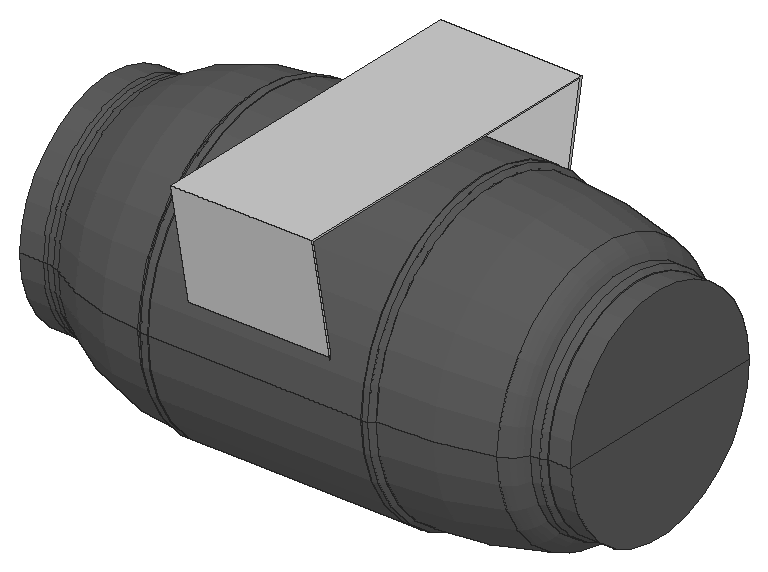
Revit family "AVS 315", category Mechanical Equipment, Revit 2023
Family settings
  Round Connector Dimension = Use Diameter
  Classification = None
  Part Type = Breaks Into
  OmniClass Number = 23.75.35.17.11
  OmniClass Title = Fans for Air Ductwork
  Work Plane-Based = No
  Always vertical = No
  Cut with Voids When Loaded = No
  Maintain Annotation Orientation = No
  Shared = No
  Room Calculation Point = No
Parameters (values of type "Aventa Silent AVS315")
  Weight = 25.00 kg
  Voltage = 230 V
  URL = "https://www.airflow.com/"
  Type Comments = "Inline fan single speed up to 2050m3/h"
  Transported Air Temperature (°C) = "-25...+60"
  RPM (min-1) = 2430
  R1 = D1 / 2  # 216 mm
  Protection rating = "IPX4"
  Power Factor = 1
  Number of Poles = 1
  Noise Level at 3 m (dBa) = 40
  Mounting Hanger [instance] = yes
  Maintenance Zone Length Calc = if(Maintenance Zone Length < L, L, Maintenance Zone Length)  # 780 mm
  L27 = 10 mm
  L26 = 6 mm
  L25 = L21 - L22 - L23 - L24 - L26 - L27  # 154 mm
  L24 = 27 mm
  L21 = 218 mm
  L17 = 10 mm
  L16 = 6 mm
  L15 = L11 - L12 - L13 - L14 - L16 - L17  # 153 mm
  L14 = 10 mm
  L11 = 195 mm
  HangerW = 200 mm
  HangerL1 = 396 mm
  HangerL = 478 mm
  HangerH = HangerBaseH  # 219 mm
  HangerExtraL = no
  HangerBaseH = 219 mm
  Model = "Aventa Silent AVS315"
  Manufacturer = "Airflow"
  Maintenance Zone Width = 600 mm
  Maintenance Zone Material = Maintenance Zone
  Maintenance Zone Length = 600 mm
  Maintenance Zone Height = 600 mm
  Maintenance Zone [instance] = no
  Load Classification = HVAC
  L23 = 13 mm
  L22 = 8 mm
  L2 = 32 mm
  L13 = 8 mm
  L12 = 8 mm
  L1 = 32 mm
  L = 780 mm
  Hanger Material = Metal Zinc
  Flow direction symbol [instance] = yes
  Flow Factor [instance] = 1  # constant formula
  Family Version = "1.0"  # constant formula
  ElBoxW = 104 mm
  ElBoxR = 15 mm  # constant formula
  ElBoxL = 104 mm
  ElBoxH = 53 mm
  Distribution Box Material = Distribution Box Dark Grey
  Description = "Inline mixed-flow fan suitable for domestic and light commercial facilities"
  Default Elevation = 0 mm
  Dd26 = 52 mm
  Dd24 = 30 mm
  Dd22 = 5 mm
  Dd23 = 6 mm
  Dd16 = 55 mm
  Dd14 = 6 mm
  Dd13 = 2 mm
  Dd12 = 1 mm
  D1 = 432 mm
  D = 315 mm
  Copyright = "©Airflow"
  Duct Connection Size = 315 mm
  Fan Material = Metal Black
  Maximum Air Flow = 2050 m³/h
  Air Flow [instance] = 0 m³/h
  Power = 320 W
  Current = 1.42 A
  Apparent Power = Power / Power Factor  # 320 VA
Reference planes
  plane 1 "Center (Front/Back)": y = 0
  plane 2: z = 0
  plane 3 "Center (Left/Right)": x = 0
  plane 4: y = 157.5
  plane 5: y = -157.5
  plane 6: y = 216
  plane 7: y = -216
  plane 8: x = 780
  plane 9 "C": x = 530
  plane 10: x = 227
  plane 11 "CenterL": x = 390
  plane 12: x = 32
  plane 13: x = 217
  plane 14: y = 158.5
  plane 15 "CenterOfCentralPart": x = 378.5
  plane 16 "ElBoxHeight": z = -53
  plane 17 "HangerHeight": z = 219
  plane 18: y = 159.5
  plane 19: y = 163.5
  plane 20: x = 58
  plane 21: x = 48
  plane 22: x = 40
  plane 23: x = 211
  plane 24: y = 212.5
  plane 25: x = 212
  plane 26: x = 540
  plane 27: y = 162.5
  plane 28: y = 163.5
  plane 29: y = 187.5
  plane 30: x = 700
  plane 31: x = 727
  plane 32: x = 740
  plane 33: x = 546
  plane 34: y = 209.5
  plane 35: x = 545
  plane 36: x = 748
Forms (mm)
  Revolve 1, solid, material "Metal Black" <- "Fan Material", detail levels medium+fine
    sketch origin (368, 0, 0) x (1, 0, 0) y (0, 1, 0)
      loop
        line (-336, 0) -> (-141, 0) -> (-141, 216) -> (-151, 216) -> (-156, 212.5) -> (-157, 212.5)
        arc (-157, 212.5) -> (-237.327, 199.951) -> (-310, 163.5) r 263.367
        arc (-310, 163.5) -> (-315.006, 161.515) -> (-320, 159.5) r 901.889
        line (-320, 159.5) -> (-328, 158.5) -> (-336, 157.5) -> (-336, 0)
      axis (-141, 0) -> (-336, 0)
    angle from 0 to 360
  Revolve 2, solid, material "Metal Black" <- "Fan Material", detail levels medium+fine
    sketch origin (368, 0, 0) x (1, 0, 0) y (0, 1, 0)
      loop
        line (380, 157.5) -> (380, 0) -> (412, 0) -> (412, 157.5) -> (380, 157.5)
      axis (412, 0) -> (380, 0)
    angle from 0 to 360
  Revolve 3, solid, material "Metal Black" <- "Fan Material", detail levels medium+fine
    sketch origin (368, 0, 0) x (1, 0, 0) y (0, 1, 0)
      loop
        line (-368, 157.5) -> (-368, 0) -> (-336, 0) -> (-336, 157.5) -> (-368, 157.5)
      axis (-336, 0) -> (-368, 0)
    angle from 0 to 360
  Revolve 4, solid, material "Metal Black" <- "Fan Material", detail levels medium+fine
    sketch origin (0, 0, 0) x (1, 0, 0) y (0, 1, 0)
      loop
        line (227, 216) -> (227, 0) -> (530, 0) -> (530, 216) -> (227, 216)
      axis (227, 0) -> (530, 0)
    angle from 0 to 360
  Revolve 5, solid, material "Metal Black" <- "Fan Material", detail levels medium+fine
    sketch origin (117, 0, 0) x (-1, 0, 0) y (0, 1, 0)
      loop
        line (-631, 0) -> (-413, 0) -> (-413, 216) -> (-423, 216) -> (-428, 209.5) -> (-429, 209.5)
        arc (-429, 209.5) -> (-506.782, 203.972) -> (-583, 187.5) r 550
        arc (-583, 187.5) -> (-599.201, 178.539) -> (-610, 163.5) r 42.151
        line (-610, 163.5) -> (-623, 162.5) -> (-631, 157.5) -> (-631, 0)
      axis (-413, 0) -> (-631, 0)
    angle from 0 to 360
Cuts and joins
  joined: Revolve 1, Revolve 3
Dimensions and locks
  equal spacing: plane 4, plane 1 "Center (Front/Back)", plane 5
  "D": plane 4 to plane 5
  equal spacing: plane 7, plane 1 "Center (Front/Back)", plane 6
  "D1": plane 6 to plane 7
  "L": plane 3 "Center (Left/Right)" to plane 8
  equal spacing: plane 3 "Center (Left/Right)", plane 11 "CenterL", plane 8
  "L1": plane 3 "Center (Left/Right)" to plane 12
  "Dd12": plane 14 to plane 4
  equal spacing: plane 10, plane 15 "CenterOfCentralPart", plane 9 "C"
  "ElBoxH": level to plane 16 "ElBoxHeight"
  "HangerBaseH": plane 17 "HangerHeight" to level
  "Dd13": plane 18 to plane 4
  "Dd14": plane 19 to plane 4
  "L11": plane 12 to plane 10
  "L12": plane 12 to plane 22
  "L13": plane 22 to plane 21
  "L14": plane 21 to plane 20
  "L17": plane 13 to plane 10
  "L16": plane 23 to plane 13
  "Dd16": plane 24 to plane 4
  locked: plane 23 to plane 25 at 1
  "L23": plane 32 to plane 31
  "L24": plane 31 to plane 30
  "L26": plane 33 to plane 26
  locked: plane 33 to plane 35 at 1
  "L2": plane 36 to plane 8
  "L21": plane 9 "C" to plane 36
  "L22": plane 32 to plane 36
  "L27": plane 9 "C" to plane 26
  "Dd22": plane 27 to plane 4
  "Dd23": plane 28 to plane 4
  "Dd24": plane 29 to plane 4
  "Dd26": plane 34 to plane 4
  locked: plane 15 "CenterOfCentralPart" to nested 6
  aligned and locked: level to plane 2
  aligned and locked: plane 4 to Revolve 2 sketch curve
  aligned and locked: Revolve 2 sketch curve to plane 8
  aligned and locked: Revolve 2 sketch curve to plane 1 "Center (Front/Back)"
  aligned and locked: Revolve 3 sketch curve to plane 4
  aligned and locked: Revolve 3 sketch curve to plane 1 "Center (Front/Back)"
  aligned and locked: plane 3 "Center (Left/Right)" to Revolve 3 sketch curve
  aligned and locked: plane 1 "Center (Front/Back)" to nested 1
  aligned and locked: nested 2 to level
  aligned and locked: plane 1 "Center (Front/Back)" to nested 3
  aligned and locked: nested 3 to plane 3 "Center (Left/Right)"
  aligned and locked: plane 1 "Center (Front/Back)" to nested 4
  aligned and locked: Revolve 4 sketch curve to plane 6
  aligned and locked: Revolve 4 sketch curve to nested 4
  aligned and locked: Revolve 4 sketch curve to Revolve 4 sketch curve  (x2)
  aligned and locked: plane 11 "CenterL" to nested 4
  aligned and locked: Revolve 4 sketch curve to plane 9 "C"
  aligned and locked: plane 15 "CenterOfCentralPart" to nested 1
  aligned and locked: plane 15 "CenterOfCentralPart" to nested 2
  aligned and locked: nested 5 to plane 1 "Center (Front/Back)"
  aligned and locked: plane 15 "CenterOfCentralPart" to nested 5
  aligned and locked: Revolve 1 sketch curve to plane 1 "Center (Front/Back)"
  aligned and locked: plane 4 to Revolve 1 sketch curve
  aligned and locked: plane 1 "Center (Front/Back)" to Revolve 1 sketch curve
  aligned and locked: Revolve 1 sketch curve to plane 6
  aligned and locked: plane 25 to Revolve 1 sketch curve
  aligned and locked: plane 24 to Revolve 1 sketch curve
  aligned and locked: Revolve 5 sketch curve to plane 35
  aligned and locked: Revolve 5 sketch curve to plane 34
  aligned and locked: Revolve 2 to plane 36
Automatic sketch dimensions
  plane 1 "Center (Front/Back)" to Revolve 2 sketch curve = 0 mm
  Revolve 2 sketch curve to plane 8 = 32 mm
  Revolve 2 sketch curve to plane 3 "Center (Left/Right)" = 1632 mm
  Revolve 2 sketch curve to Revolve 2 sketch curve = 2138 mm
  plane 1 "Center (Front/Back)" to Revolve 3 sketch curve = 0 mm
  Revolve 3 sketch curve to plane 12 = 0 mm
  Revolve 3 sketch curve to plane 3 "Center (Left/Right)" = 1646 mm
  plane 8 to Revolve 3 sketch curve = 2149 mm
  Revolve 4 sketch curve to plane 10 = 0 mm
  Revolve 4 sketch curve to plane 11 "CenterL" = 0 mm
  Revolve 1 sketch curve to plane 12 = 0 mm
  Revolve 1 sketch curve to plane 14 = 0 mm
  Revolve 1 sketch curve to plane 22 = 0 mm
  Revolve 1 sketch curve to plane 18 = 0 mm
  Revolve 1 sketch curve to plane 21 = 0 mm
  Revolve 1 sketch curve to plane 19 = 0 mm
  Revolve 1 sketch curve to plane 20 = 0 mm
  Revolve 1 sketch curve to plane 23 = 0 mm
  Revolve 1 sketch curve to plane 13 = 0 mm
  Revolve 1 sketch curve to plane 10 = 0 mm
  Revolve 1 sketch curve to plane 11 "CenterL" = 2.053 mm
  Revolve 1 sketch curve to plane 3 "Center (Left/Right)" = 2000 mm
  plane 8 to Revolve 1 sketch curve = 1495 mm
  plane 1 "Center (Front/Back)" to Revolve 5 sketch curve = 0 mm  (x2)
  Revolve 5 sketch curve to plane 36 = 0 mm
  plane 27 to Revolve 5 sketch curve = 0 mm
  Revolve 5 sketch curve to plane 32 = 0 mm
  plane 28 to Revolve 5 sketch curve = 0 mm
  Revolve 5 sketch curve to plane 31 = 0 mm
  Revolve 5 sketch curve to plane 29 = 0 mm  (x2)
  Revolve 5 sketch curve to plane 30 = 0 mm
  Revolve 5 sketch curve to plane 33 = 0 mm
  Revolve 5 sketch curve to plane 6 = 0 mm
  Revolve 5 sketch curve to plane 26 = 0 mm
  Revolve 5 sketch curve to plane 9 "C" = 0 mm
  plane 4 to Revolve 5 sketch curve = 0 mm
  Revolve 5 sketch curve to plane 8 = 1980 mm
  plane 3 "Center (Left/Right)" to Revolve 5 sketch curve = 1515 mm
Nested families
  nested 1: "GraphicalSymbol_Fun_FlowDirection" at (378.5, 0, 0), visible <- "Flow direction symbol", type "GraphicalSymbol_Fun_FlowDirection", detail levels medium+fine
    with Length 50 mm, Height 50 mm, B 25 mm, A 16.667 mm
  nested 2: "GraphicalSymbol_Fun_FlowDirection" at (378.5, 0, 0) x (1, 0, 0) z (0, -1, 0), type "GraphicalSymbol_Fun_FlowDirection"
    with Length 50 mm, Height 50 mm, B 25 mm, A 16.667 mm
  nested 3: "GraphicalSymbol_Fan_1" at (390, 0, 0), type "GraphicalSymbol_Fan_1", detail levels coarse
    with Diameter 780 mm, A 195 mm
  nested 4: "MaintenanceZone_Rect" at (390, 0, 0), visible <- "Maintenance Zone", type "MaintenanceZone_Rect", detail levels medium+fine
    with Maintenance Zone Width 600 mm, Maintenance Zone Length 780 mm, Maintenance Zone Height 600 mm
  nested 5: "MountingHanger" at (378.5, 0, 219) x (0, 1, 0) z (0, 0, -1), visible <- "Mounting Hanger", type "MountingHanger", detail levels medium+fine
  nested 6: "DistributionBox" at (378.5, -228.605, 166.01) x (1, 0, 0) z (0, -0.9813, -0.1925), type "DistributionBox", not visible, detail levels medium+fine
    with Hcon 26.5 mm, H1 53 mm, ConD 20 mm, ConB 26 mm, ConA 26 mm, B 104 mm, A 104 mm
Connectors
  hvac at (0, 0, 0), driven by "Duct Connection Size", driven by "Air Flow"
    settings: on cut or joined group of Revolve 1, Revolve 3, index 4, duct flow 0 m³/h, flow factor 0, pres drop 0.0 Pa, loss coef 0, conn angle 0.00°, conn width 304.8 mm, conn height 304.8 mm, conn diameter 315 mm, duct sys type 29, conn prof type 0, flow config 0, flow direction 0, loss method 0, conn ref index 5, conn util no, is conn primary yes, conn desc ""
  hvac at (780, 0, 0), driven by "Duct Connection Size"
    settings: on Revolve 2, index 5, duct flow 0 m³/h, flow factor 0, pres drop 0.0 Pa, loss coef 0, conn angle 0.00°, conn width 304.8 mm, conn height 304.8 mm, conn diameter 315 mm, duct sys type 28, conn prof type 0, flow config 0, flow direction 0, loss method 0, conn ref index 4, conn util no, is conn primary no, conn desc ""
  electrical at (378.5, -264.619, 211.936), driven by "Number of Poles", driven by "Load Classification", driven by "Voltage", driven by "Apparent Power", driven by "Power Factor"
    settings: on nested 6, index 7, voltage 230 V, apparent load 320 VA, apparent load phase1 0 VA, apparent load phase2 0 VA, apparent load phase3 0 VA, power factor 1, load classification "HVAC", number of poles 1, system type 30, power factor state 1, is connector primary yes, connector utility no, sub classification motor no, connector description ""
Definition of nested family "MaintenanceZone_Rect"
  Parameters (values of type "MaintenanceZone_Rect")
    Maintenance Zone Width = 500 mm
    Material = none
    Maintenance Zone Length = 1000 mm
    Maintenance Zone Height = 300 mm
    Family Version = ""
    Default Elevation = 1219.2 mm
    Copyright = ""
  Reference planes
    plane 1 "Center (Front/Back)": y = 0
    plane 2: z = 0
    plane 3 "Center (Left/Right)": x = 0
    plane 4: x = -500
    plane 5: x = 500
    plane 6: y = 250
    plane 7: y = -250
    plane 8: z = -300
  Forms (mm)
    Extrusion 1, solid, material <- "Material", detail levels medium+fine
      sketch origin (0, 0, 0) x (1, 0, 0) y (0, 1, 0)
        loop
          line (-500, 250) -> (-500, -250) -> (500, -250) -> (500, 250) -> (-500, 250)
      from 0 to -300
  Lines and regions (mm)
    symbolic lines, detail levels medium+fine
      curve 1: line (-500, 0, 0) -> (500, 0, 0)
      curve 2: line (-500, 0, -300) -> (-500, 0, 0)
      curve 3: line (500, 0, -300) -> (-500, 0, -300)
      curve 4: line (500, 0, 0) -> (500, 0, -300)
      curve 5: line (0, 250, 0) -> (0, -250, 0)
      curve 6: line (0, 250, -300) -> (0, 250, 0)
      curve 7: line (0, -250, -300) -> (0, 250, -300)
      curve 8: line (0, -250, 0) -> (0, -250, -300)
      curve 9: line (-500, 250, 0) -> (500, 250, 0)
      curve 10: line (-500, -250, 0) -> (-500, 250, 0)
      curve 11: line (500, -250, 0) -> (-500, -250, 0)
      curve 12: line (500, 250, 0) -> (500, -250, 0)
  Dimensions and locks
    equal spacing: plane 6, plane 1 "Center (Front/Back)", plane 7
    equal spacing: plane 4, plane 3 "Center (Left/Right)", plane 5
    "Maintenance Zone Width": plane 6 to plane 7
    "Maintenance Zone Length": plane 4 to plane 5
    "Maintenance Zone Height": plane 2 to plane 8
    aligned and locked: level to plane 2
    aligned and locked: Extrusion 1 sketch curve to plane 6
    aligned and locked: plane 4 to Extrusion 1 sketch curve
    aligned and locked: plane 7 to Extrusion 1 sketch curve
    aligned and locked: Extrusion 1 sketch curve to plane 5
    aligned and locked: Extrusion 1 to plane 8
    aligned and locked: curve 1 to Extrusion 1
    aligned and locked: curve 2 to Extrusion 1
    aligned and locked: curve 3 to Extrusion 1
    aligned and locked: curve 4 to Extrusion 1
    aligned and locked: curve 5 to Extrusion 1
    aligned and locked: curve 6 to Extrusion 1
    aligned and locked: curve 7 to Extrusion 1
    aligned and locked: curve 8 to Extrusion 1
    aligned and locked: curve 9 to Extrusion 1
    aligned and locked: curve 10 to Extrusion 1
    aligned and locked: curve 11 to Extrusion 1
    aligned and locked: curve 12 to Extrusion 1
Definition of nested family "MountingHanger"
  Parameters (values of type "MountingHanger")
    Width1 = Width * 0.8  # 160 mm
    Width = 200 mm
    Thikness = 2 mm
    Material = none
    Length2 = Length + 20 mm * 2  # 518 mm
    Length = 478 mm
    Lenght1Calc = if(Length1 = Length, Length - 0.5 mm, Length1)  # 396 mm
    Length1 = 396 mm
    Height1 = 10 mm
    Height = 219 mm
    ExtraLength = no
    Default Elevation = 1219.2 mm
  Reference planes
    plane 1 "Center (Front/Back)": y = 0
    plane 2: z = 0
    plane 3 "Center (Left/Right)": x = 0
    plane 4: x = -239
    plane 5: x = 239
    plane 6: y = 100
    plane 7: y = -100
    plane 8: z = 219
    plane 9: x = -198
    plane 10: x = 198
    plane 11: z = 209
    plane 12: y = 80
    plane 13: y = -80
    plane 14: x = -259
    plane 15: x = 259
    plane 16: x = -239
    plane 17: x = 239
  Forms (mm)
    Extrusion 1, solid, material <- "Material"
      sketch origin (0, 0, 0) x (1, 0, 0) y (0, 0, 1)
        loop
          line (-198, 209) -> (-239, 0) -> (239, 0) -> (198, 209) -> (198, 219) -> (196, 219) -> (196, 208.806) -> (236.57, 2) -> (-236.57, 2) -> (-196, 208.806) -> (-196, 219) -> (-198, 219) -> (-198, 209)
      from -100 to 100
    Extrusion 2, solid, material <- "Material", visible <- "ExtraLength"
      sketch origin (0, 0, 0) x (1, 0, 0) y (0, 1, 0)
        loop
          line (-259, 80) -> (-259, -80) -> (-239, -80) -> (-239, 80) -> (-259, 80)
        loop
          line (239, 80) -> (239, -80) -> (259, -80) -> (259, 80) -> (239, 80)
      from 0 to 2
  Dimensions and locks
    equal spacing: plane 4, plane 3 "Center (Left/Right)", plane 5
    "Length": plane 4 to plane 5
    plane 8 to level = 219 mm
    equal spacing: plane 6, plane 1 "Center (Front/Back)", plane 7
    "Width": plane 6 to plane 7
    "Height": plane 8 to level
    "Thikness": Extrusion 1 sketch curve to level
    "Thikness": Extrusion 1 sketch curve to Extrusion 1 sketch curve  (x2)
    "Thikness": Extrusion 1 sketch curve to plane 9
    "Thikness": plane 10 to Extrusion 1 sketch curve
    equal spacing: plane 9, plane 3 "Center (Left/Right)", plane 10
    "Lenght1Calc": plane 9 to plane 10
    "Height1": plane 8 to plane 11
    equal spacing: plane 12, plane 1 "Center (Front/Back)", plane 13
    "Width1": plane 12 to plane 13
    equal spacing: plane 14, plane 3 "Center (Left/Right)", plane 15
    "Length2": plane 14 to plane 15
    "Thikness": Extrusion 2 to level
    equal spacing: plane 16, plane 3 "Center (Left/Right)", plane 17
    "Length": plane 16 to plane 17
    aligned and locked: level to plane 2
    aligned and locked: plane 6 to Extrusion 1
    aligned and locked: Extrusion 1 to plane 7
    aligned and locked: plane 9 to Extrusion 1 sketch curve
    aligned and locked: plane 10 to Extrusion 1 sketch curve
    aligned and locked: Extrusion 2 sketch curve to plane 12  (x2)
    aligned and locked: plane 14 to Extrusion 2 sketch curve
    aligned and locked: plane 13 to Extrusion 2 sketch curve  (x2)
    aligned and locked: Extrusion 2 sketch curve to plane 16
    aligned and locked: plane 17 to Extrusion 2 sketch curve
    aligned and locked: Extrusion 2 sketch curve to plane 15
  Automatic sketch dimensions
    Extrusion 1 sketch curve to level = 0 mm
    Extrusion 1 sketch curve to plane 4 = 0 mm
    Extrusion 1 sketch curve to plane 5 = 0 mm
    Extrusion 1 sketch curve to plane 11 = 0 mm  (x2)
    Extrusion 1 sketch curve to plane 8 = 0 mm  (x2)
Definition of nested family "DistributionBox"
  Parameters (values of type "DistributionBox")
    Hcover = 10 mm
    Hcon = H1 / 2  # 12.5 mm
    H1 = 25 mm
    Distribution Box Material = none
    Default Elevation = 1219.2 mm
    ConD = 12 mm
    ConB = B / 4  # 12.5 mm
    ConA = A / 4  # 12.5 mm
    B = A  # 50 mm
    A = 50 mm
  Reference planes
    plane 1 "Center (Front/Back)": y = 0
    plane 2: z = 0
    plane 3 "Center (Left/Right)": x = 0
    plane 4: x = -25
    plane 5: x = 25
    plane 6 "Back": y = 25
    plane 7 "Front": y = -25
    plane 8: z = 25
    plane 9: z = 35
    plane 10: x = -12.5
    plane 11: x = 12.5
    plane 12: y = 12.5
    plane 13: y = -12.5
    plane 14: z = 12.5
  Forms (mm)
    Extrusion 1, solid, material <- "Distribution Box Material"
      sketch origin (0, 0, 0) x (1, 0, 0) y (0, 1, 0)
        loop
          arc (-22, 25) -> (-24.121, 24.121) -> (-25, 22) r 3
          line (-25, 22) -> (-25, -22)
          arc (-25, -22) -> (-24.121, -24.121) -> (-22, -25) r 3
          line (-22, -25) -> (22, -25)
          arc (22, -25) -> (24.121, -24.121) -> (25, -22) r 3
          line (25, -22) -> (25, 22)
          arc (25, 22) -> (24.121, 24.121) -> (22, 25) r 3
          line (22, 25) -> (-22, 25)
      from 0 to 25
    Extrusion 2, solid, material <- "Distribution Box Material"
      sketch origin (0, 0, 0) x (1, 0, 0) y (0, 1, 0)
        loop
          arc (-22, 25) -> (-24.121, 24.121) -> (-25, 22) r 3
          line (-25, 22) -> (-25, -22)
          arc (-25, -22) -> (-24.121, -24.121) -> (-22, -25) r 3
          line (-22, -25) -> (22, -25)
          arc (22, -25) -> (24.121, -24.121) -> (25, -22) r 3
          line (25, -22) -> (25, 22)
          arc (25, 22) -> (24.121, 24.121) -> (22, 25) r 3
          line (22, 25) -> (-22, 25)
      from 25 to 35
    Extrusion 3, void
      sketch origin (-568.953, -25, 1200) x (1, 0, 0) y (0, 0, 1)
        loop
          circle (556.453, -1187.5) r 6
        loop
          circle (581.453, -1187.5) r 6
      from -2.025 to 0
    Extrusion 4, void
      sketch origin (0, 25, 0) x (-1, 0, 0) y (0, 0, 1)
        loop
          circle (-12.5, 12.5) r 6
        loop
          circle (12.5, 12.5) r 6
      from 0 to -2
  Cuts and joins
    Extrusion 3, Extrusion 4 cuts Extrusion 1
    Extrusion 3 cuts Extrusion 2
  Dimensions and locks
    equal spacing: plane 6 "Back", plane 1 "Center (Front/Back)", plane 7 "Front"
    equal spacing: plane 4, plane 3 "Center (Left/Right)", plane 5
    "A": plane 6 "Back" to plane 7 "Front"
    "B": plane 4 to plane 5
    "H1": level to plane 8
    "Hcover": plane 8 to plane 9
    "ConA": plane 1 "Center (Front/Back)" to plane 12
    "ConA": plane 13 to plane 1 "Center (Front/Back)"
    "ConB": plane 10 to plane 3 "Center (Left/Right)"
    "ConB": plane 3 "Center (Left/Right)" to plane 11
    "Hcon": plane 14 to level
    "ConD": diameter of Extrusion 3 sketch curve  (x2)
    "ConD": diameter of Extrusion 4 sketch curve  (x2)
    aligned and locked: level to plane 2
    aligned and locked: Extrusion 1 sketch curve to plane 6 "Back"
    aligned and locked: plane 4 to Extrusion 1 sketch curve
    aligned and locked: plane 7 "Front" to Extrusion 1 sketch curve
    aligned and locked: Extrusion 1 sketch curve to plane 5
    aligned and locked: plane 8 to Extrusion 1
    aligned and locked: plane 4 to Extrusion 2 sketch curve
    aligned and locked: Extrusion 2 sketch curve to plane 5
    aligned and locked: Extrusion 2 sketch curve to plane 6 "Back"
    aligned and locked: plane 7 "Front" to Extrusion 2 sketch curve
    aligned and locked: Extrusion 2 to plane 8
    aligned and locked: plane 9 to Extrusion 2
  Automatic sketch dimensions
    Extrusion 1 sketch curve to Extrusion 1 sketch curve = 3 mm  (x2)
    Extrusion 1 sketch curve to plane 5 = 3 mm  (x2)
    plane 4 to Extrusion 2 sketch curve = 3 mm
    Extrusion 2 sketch curve to Extrusion 2 sketch curve = 3 mm
    Extrusion 2 sketch curve to plane 5 = 3 mm  (x2)
    Extrusion 3 sketch curve to plane 10 = 0 mm
    Extrusion 3 sketch curve to plane 11 = 0 mm
    Extrusion 3 sketch curve to plane 14 = 0 mm  (x2)
    Extrusion 4 sketch curve to plane 11 = 0 mm
    Extrusion 4 sketch curve to plane 10 = 0 mm
    Extrusion 4 sketch curve to plane 14 = 0 mm  (x2)
Definition of nested family "GraphicalSymbol_Fun_FlowDirection"
  Parameters (values of type "GraphicalSymbol_Fun_FlowDirection")
    Length = 100 mm
    Height = Length  # 100 mm
    B = Length / 2  # 50 mm
    A = Length / 3  # 33.333 mm
  Reference planes
    plane 1 "Center (Front/Back)": y = 0
    plane 2: z = 0
    plane 3 "Center (Left/Right)": x = 0
    plane 4: x = -33.333
    plane 5: x = 50
    plane 6: y = 50
    plane 7: y = -50
  Lines and regions (mm)
    detail lines, in view "Ref. Level"
      curve 1: line (-33.333, 50, 0) -> (-33.333, -50, 0)
      curve 2: line (50, 0, 0) -> (-33.333, -50, 0)
      curve 3: line (50, 0, 0) -> (-33.333, 50, 0)
  Dimensions and locks
    "A": plane 4 to plane 3 "Center (Left/Right)"
    "B": plane 3 "Center (Left/Right)" to plane 5
    equal spacing: plane 6, plane 1 "Center (Front/Back)", plane 7
    "Height": plane 6 to plane 7
    aligned and locked: curve 1 to plane 4
  Automatic sketch dimensions
    plane 1 "Center (Front/Back)" to curve 3 = 0 mm
    curve 3 to plane 5 = 0 mm
    curve 2 to plane 7 = 0 mm
    curve 3 to plane 6 = 0 mm
Definition of nested family "GraphicalSymbol_Fan_1"
  Parameters (values of type "GraphicalSymbol_Fan_1")
    Diameter = 100 mm
    Default Elevation = 1219.2 mm
    A = Diameter / 4  # 25 mm
  Reference planes
    plane 1 "Center (Front/Back)": y = 0
    plane 2: z = 0
    plane 3 "Center (Left/Right)": x = 0
    plane 4: x = -25
  Lines and regions (mm)
    model lines
      curve 1: circle (0, 0, 0) r 50 normal (0, 0, 1)
      curve 4: line (-25, 43.301, 0) -> (-25, -43.301, 0)
      curve 5: line (-25, 43.301, 0) -> (50, 0, 0)
      curve 6: line (-25, -43.301, 0) -> (50, 0, 0)
    reference lines
      curve 2: line (50, 141.389, 0) -> (50, -158.611, 0)
      curve 3: line (-50, 141.389, 0) -> (-50, -158.611, 0)
  Dimensions and locks
    equal spacing: curve 3, plane 3 "Center (Left/Right)", curve 2
    "Diameter": curve 3 to curve 2
    "A": plane 4 to plane 3 "Center (Left/Right)"
    "Diameter": diameter of curve 1
    aligned and locked: level to plane 2
  Automatic sketch dimensions
    curve 4 to plane 4 = 0 mm
    plane 1 "Center (Front/Back)" to curve 1 = 0 mm
    curve 1 to plane 3 "Center (Left/Right)" = 0 mm
    plane 1 "Center (Front/Back)" to curve 6 = 0 mm
    plane 1 "Center (Front/Back)" to curve 2 = 158.611 mm
    curve 3 to curve 2 = 0 mm  (x2)
    curve 3 to plane 1 "Center (Front/Back)" = 141.389 mm
